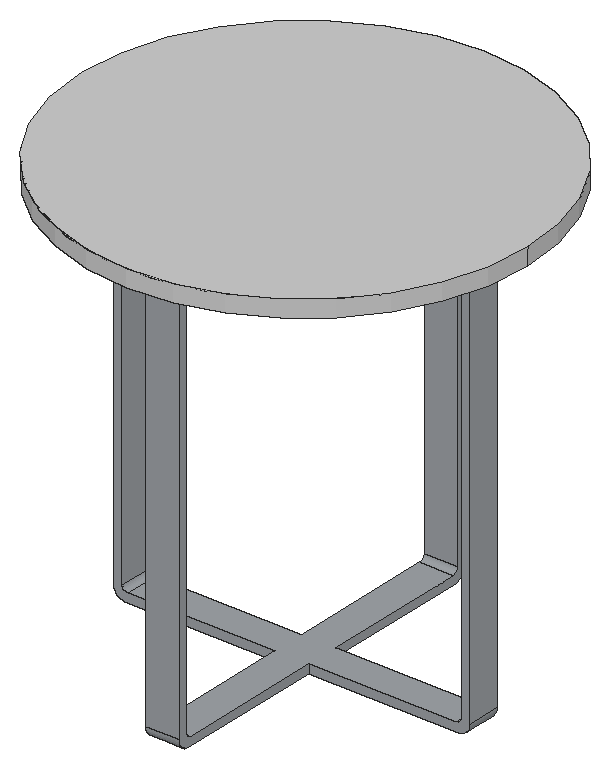
Revit family
Parameters
  URL = "http://www.martinbrattrud.com"
  Table [instance] = none
  SCS Certified Product = "Yes"
  Model = "Serif 531-20CHC"
  Manufacturer = "Martin Brattrud, Inc."
  Legs [instance] = none
  Keynote = "125000"
  Copyright = "© 2013 Martin Brattrud, Inc."
  Authoring Version = "Revit Architecture 2010"
  Assembly Code = "E2020200"
Reference planes (in)
  plane 1 "Center Front/Back": y = 0
  plane 2: z = 0
  plane 3 "Center Left/Right": x = 0
Forms (in)
  Extrusion 1, solid, material <- "Legs"
    sketch origin (0, 0, 0) x (0, 1, 0) y (0, 0, 1)
      loop
        arc (8, 18.935) -> (7.85355, 19.28855) -> (7.5, 19.435) r 0.5
        line (7.5, 19.435) -> (-7.5, 19.435)
        arc (-7.5, 19.435) -> (-7.85355, 19.28855) -> (-8, 18.935) r 0.5
        line (-8, 18.935) -> (-8, 0.6875)
        arc (-8, 0.6875) -> (-7.85355, 0.33395) -> (-7.5, 0.1875) r 0.5
        line (-7.5, 0.1875) -> (7.5, 0.1875)
        arc (7.5, 0.1875) -> (7.85355, 0.33395) -> (8, 0.6875) r 0.5
        line (8, 0.6875) -> (8, 18.935)
      loop
        arc (7.625, 18.81) -> (7.55178, 18.98678) -> (7.375, 19.06) r 0.25
        line (7.375, 19.06) -> (-7.375, 19.06)
        arc (-7.375, 19.06) -> (-7.55178, 18.98678) -> (-7.625, 18.81) r 0.25
        line (-7.625, 18.81) -> (-7.625, 0.8125)
        arc (-7.625, 0.8125) -> (-7.55178, 0.63572) -> (-7.375, 0.5625) r 0.25
        line (-7.375, 0.5625) -> (7.375, 0.5625)
        arc (7.375, 0.5625) -> (7.55178, 0.63572) -> (7.625, 0.8125) r 0.25
        line (7.625, 0.8125) -> (7.625, 18.81)
    from -0.75 to 0.75
  Revolve 2, solid
    sketch origin (0, 0, 0) x (0, 1, 0) y (0, 0, 1)
      loop
        line (-6.4375, 0) -> (-6.4375, 0.1875) -> (-7, 0.1875) -> (-7, 0.125)
        arc (-7, 0.125) -> (-6.96339, 0.03661) -> (-6.875, 0) r 0.125
        line (-6.875, 0) -> (-6.4375, 0)
      axis (-6.4375, 0) -> (-6.4375, 0.1875)
    angle from 0 to 360
  Revolve 3, solid
    sketch origin (0, 6.4375, 0) x (0, 1, 0) y (0, 0, 1)
      loop
        line (-6.4375, 0) -> (-6.4375, 0.1875) -> (-7, 0.1875) -> (-7, 0.125)
        arc (-7, 0.125) -> (-6.96339, 0.03661) -> (-6.875, 0) r 0.125
        line (-6.875, 0) -> (-6.4375, 0)
      axis (-6.4375, 0) -> (-6.4375, 0.1875)
    angle from 0 to 360
  Revolve 4, solid
    sketch origin (0, 12.875, 0) x (0, 1, 0) y (0, 0, 1)
      loop
        line (-6.4375, 0) -> (-6.4375, 0.1875) -> (-7, 0.1875) -> (-7, 0.125)
        arc (-7, 0.125) -> (-6.96339, 0.03661) -> (-6.875, 0) r 0.125
        line (-6.875, 0) -> (-6.4375, 0)
      axis (-6.4375, 0) -> (-6.4375, 0.1875)
    angle from 0 to 360
  Extrusion 5, solid, material <- "Legs"
    sketch origin (0, 0, 0) x (-1, 0, 0) y (0, 0, 1)
      loop
        arc (8, 18.935) -> (7.85355, 19.28855) -> (7.5, 19.435) r 0.5
        line (7.5, 19.435) -> (-7.5, 19.435)
        arc (-7.5, 19.435) -> (-7.85355, 19.28855) -> (-8, 18.935) r 0.5
        line (-8, 18.935) -> (-8, 0.6875)
        arc (-8, 0.6875) -> (-7.85355, 0.33395) -> (-7.5, 0.1875) r 0.5
        line (-7.5, 0.1875) -> (7.5, 0.1875)
        arc (7.5, 0.1875) -> (7.85355, 0.33395) -> (8, 0.6875) r 0.5
        line (8, 0.6875) -> (8, 18.935)
      loop
        arc (7.625, 18.81) -> (7.55178, 18.98678) -> (7.375, 19.06) r 0.25
        line (7.375, 19.06) -> (-7.375, 19.06)
        arc (-7.375, 19.06) -> (-7.55178, 18.98678) -> (-7.625, 18.81) r 0.25
        line (-7.625, 18.81) -> (-7.625, 0.8125)
        arc (-7.625, 0.8125) -> (-7.55178, 0.63572) -> (-7.375, 0.5625) r 0.25
        line (-7.375, 0.5625) -> (7.375, 0.5625)
        arc (7.375, 0.5625) -> (7.55178, 0.63572) -> (7.625, 0.8125) r 0.25
        line (7.625, 0.8125) -> (7.625, 18.81)
    from -0.75 to 0.75
  Revolve 6, solid
    sketch origin (0, 0, 0) x (-1, 0, 0) y (0, 0, 1)
      loop
        line (-6.4375, 0) -> (-6.4375, 0.1875) -> (-7, 0.1875) -> (-7, 0.125)
        arc (-7, 0.125) -> (-6.96339, 0.03661) -> (-6.875, 0) r 0.125
        line (-6.875, 0) -> (-6.4375, 0)
      axis (-6.4375, 0) -> (-6.4375, 0.1875)
    angle from 0 to 360
  Revolve 7, solid
    sketch origin (-12.875, 0, 0) x (-1, 0, 0) y (0, 0, 1)
      loop
        line (-6.4375, 0) -> (-6.4375, 0.1875) -> (-7, 0.1875) -> (-7, 0.125)
        arc (-7, 0.125) -> (-6.96339, 0.03661) -> (-6.875, 0) r 0.125
        line (-6.875, 0) -> (-6.4375, 0)
      axis (-6.4375, 0) -> (-6.4375, 0.1875)
    angle from 0 to 360
  Extrusion 8, solid, material <- "Table"
    sketch origin (0, 0, 0) x (1, 0, 0) y (0, 1, 0)
      loop
        circle (0, 0) r 10
    from 19.4975 to 20.2475
Cuts and joins
  joined: Extrusion 1, Extrusion 5
